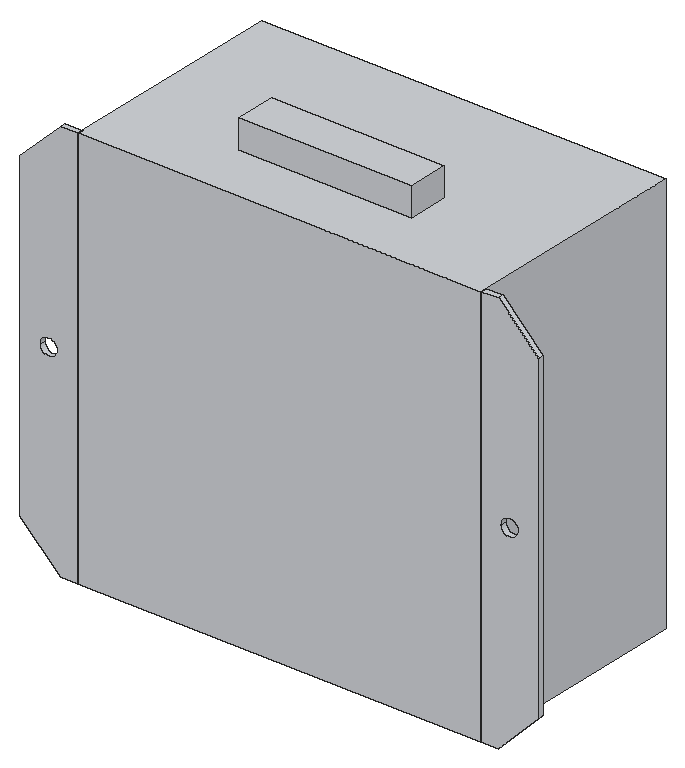
Revit family "Atlas_Sound_M2000-SM_Wall_Surface_Mounted", category Communication Devices, host Wall, Revit 2026
Family settings
  Host = Wall
  Round Connector Dimension = Use Diameter
  Part Type = Normal
  Always vertical = Yes
  Cut with Voids When Loaded = No
  Maintain Annotation Orientation = No
  Shared = No
  Room Calculation Point = No
Parameters
  Warranty Duration (Years) = 0
  URL = "https://www.atlasied.com/m2000-sm"
  Specification = ""
  SpecWizard = ""
  Send Message = ""
  Sales Information = ""
  Revision = ""
  Product Properties = ""
  Product Data = "https://www.atlasied.com/f/2208/ATS003058_M2000-SM_Data.pdf"
  OmniClass Title = ""
  OmniClass Number = ""
  MasterFormat04 Keynote = ""
  Manufacturer's Notes = ""
  Manufacturer Website = "https://www.atlasied.com/"
  Manufacturer Phone - Toll Free = "800-876-3333"
  Manufacturer Phone = "602-438-4545"
  Manufacturer Fax = "602-438-8692"
  Manufacturer Email = ""
  Manufacturer Address = "4545 E. Baseline Rd. Phoenix, AZ 85040"
  Manufacturer = "Atlas Sound"
  Maintenance Schedule (Months) = 0
  Installation-Fabrication = "https://www.atlasied.com/f/2208/ATS003058_M2000-SM_Data.pdf"
  Installation Phase = ""
  Green Building-LEED = ""
  Expected Lifespan (Years) = 0
  Drawn By = "Matt Wunch"
  Description = "Surface mount sound masking transducer"
  Default Elevation = 0' - 0"
  Copyright = "Arcat, Inc. ©2018"
  Construction Details = ""
  Company_ID = 0
  Category = ""
  Building Codes = ""
Reference planes (in)
  plane 1: y = 0
  plane 2 "Center (Left/Right)": x = 0
  plane 3 "Wall Edge": y = 3
Text (in)
  text "Placement Side" at (0, 40.15149, 123.01588), in view "Right"
  text "Placement Side" at (-70.3804, 28.46503, 0), in view "Ref. Level"
  text "Placement Side" at (0, 81.62555, 140.59947), in view "Left"
Dimensions and locks (in)
  locked: plane 3 "Wall Edge" to host wall
Nested families (in)
  nested 1: "M2000-LP" at (0, 3, 41.98) x (1, 0, 0) z (0, 1, 0), type "M2000-LP"
Connectors (in)
  electrical at (0, 4, 40.23)
    settings: on nested 1, index 1, voltage 0 V, apparent load 0 VA, apparent load phase1 0 VA, apparent load phase2 0 VA, apparent load phase3 0 VA, power factor 1, load classification "Other", number of poles 1, system type 14, power factor state 1, is connector primary yes, connector utility no, sub classification motor no, connector description ""
Definition of nested family "M2000-LP"
  Parameters (values of type "M2000-LP")
    Default Elevation = 4' - 0"
  Reference planes (in)
    plane 1 "Center (Front/Back)": y = 0
    plane 2: z = 0
    plane 3 "Center (Left/Right)": x = 0
  Forms (in)
    Extrusion 1, solid
      sketch origin (0, 0, 0) x (1, 0, 0) y (0, 1, 0)
        loop
          line (-1.75, 1.75) -> (-1.75, -1.75) -> (1.75, -1.75) -> (1.75, 1.75) -> (-1.75, 1.75)
      from 0 to 2
    Extrusion 2, solid
      sketch origin (0, 0, 0) x (1, 0, 0) y (0, 1, 0)
        loop
          line (-1.75, 1.75) -> (-1.9, 1.75) -> (-2.25, 1.4) -> (-2.25, -1.4) -> (-1.9, -1.75) -> (-1.75, -1.75) -> (-1.75, 1.75)
        loop
          line (1.75, 1.75) -> (1.75, -1.75) -> (1.9, -1.75) -> (2.25, -1.4) -> (2.25, 1.4) -> (1.9, 1.75) -> (1.75, 1.75)
      from 0 to 0.05
    Extrusion 3, void
      sketch origin (0, 0, 0) x (1, 0, 0) y (0, 1, 0)
        loop
          circle (-2, 0) r 0.075
        loop
          circle (2, 0) r 0.075
      from -0.05 to 0.1
    Extrusion 4, solid
      sketch origin (0, 0, 0) x (1, 0, 0) y (0, 0, 1)
        loop
          line (-0.75, 0.85) -> (-0.75, 0.5) -> (0.75, 0.5) -> (0.75, 0.85) -> (-0.75, 0.85)
      from 1.75 to 2
  Cuts and joins
    Extrusion 3 cuts Extrusion 2
  Dimensions and locks (in)
    aligned and locked: plane 2 to level
